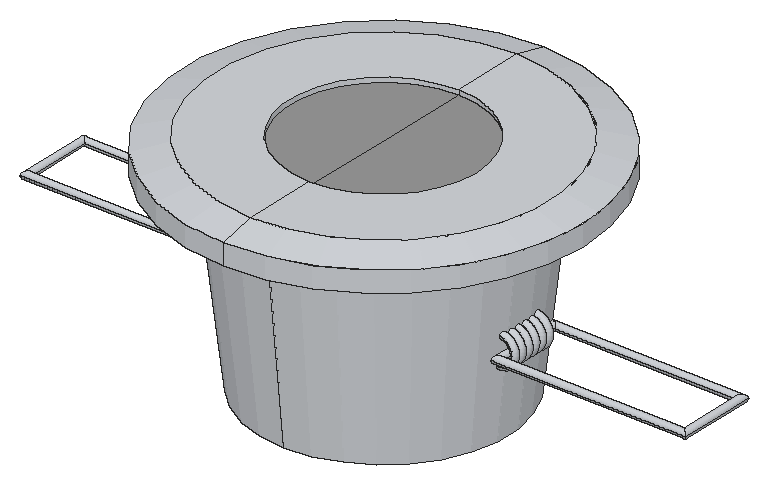
Revit family "0005365-2700K", category Lighting Fixtures, host Face, Revit 2018
Family settings
  Host = Face
  Round Connector Dimension = Use Diameter
  Part Type = Normal
  OmniClass Number = 23.80.70.00
  OmniClass Title = Lighting
  Cut with Voids When Loaded = No
  Light Source = Yes
  Shared = No
  Room Calculation Point = No
Parameters (values of type "0005365 OBICO 68 IP65 530LM 3CCT DIM ADJ CHR")
  Weight = "n/a"
  Wattage Comments = ""
  Wattage = 159.577 W
  WarrantyStartDate [instance] = "n/a"
  WarrantyGuarantorParts = "n/a"
  WarrantyDurationUnit = "n/a"
  WarrantyDurationParts = ""
  WarrantyDescription = "http://www.sylvania-lighting.com"
  built-in parameter 1150110 = 1 (stored number, unit not read)
  Voltage = 0 V
  URL = "0.8"
  TypeName = "OBICO 68 IP65 530lm 3CCT DIM ADJ BRUSHED CHROME"
  Type Image = <None>
  Type Comments = "n/a"
  built-in parameter 1114217 = 1 (stored number, unit not read)
  Tilt Angle = -90.00°
  built-in parameter 1150109 = 1 (stored number, unit not read)
  built-in parameter 1150134 = 12
  built-in parameter 1150113 = 1 (stored number, unit not read)
  SerialNumber [instance] = "n/a"
  Photometric Web File = "0005365-2700K.ies"
  Material_3_SYL = none
  PowerFactor = 0.9
  PowerConsumption = "Lighting"
  NominalLength = 117 mm
  NominalHeight = 54 mm
  NominalDepth = 96 mm
  Name = "OBICO 68 IP65 530lm 3CCT DIM ADJ BRUSHED CHROME"
  ModelReference = Name  # "OBICO 68 IP65 530lm 3CCT DIM ADJ BRUSHED CHROME"
  ModelNumber = "0005365"
  Model = Name  # "OBICO 68 IP65 530lm 3CCT DIM ADJ BRUSHED CHROME"
  Material = "Feilo Sylvania"
  ManufacturerName = "98 lm/W"
  Manufacturer = ""
  LuminousEfficacy = ""
  built-in parameter 1150105 = 22901.6 (stored number, unit not read)
  Lumens = 13404.5 lm
  LuminaireType = "0"
  built-in parameter 1150115 = 1 (stored number, unit not read)
  LightOutputRatio = "LED"
  built-in parameter 1150137 = (empty or 0)
  built-in parameter 1150139 = (empty or 0)
  LampsType = Lamp  # "n/a"
  LampNominalLuminous = "3000 K"
  LampMacAdamStep = "90"
  LampColourTemperature = "LED"
  LampColourRenderingIndex = "16500"
  built-in parameter 1150112 = 1 (stored number, unit not read)
  built-in parameter 1150114 = 1 (stored number, unit not read)
  Lamp = "n/a"
  Keynote = "n/a"
  InstallationDate [instance] = "n/a"
  InputVoltage = "0"
  InputNominalFrequency = "3000"
  built-in parameter 1150132 = (empty or 0)
  built-in parameter 1150102 = (empty or 0)
  built-in parameter 1150107 = 4000 (stored number, unit not read)
  built-in parameter 1150138 = (empty or 0)
  IngressProtection = "IfcLightFixtureType"
  ImpactProtectionIndex = "IfcLightFixtureType"
  built-in parameter 1150106 = 229.02 (stored number, unit not read)
  IfcExportType = "IfcLightFixtureType"
  IfcExportAs = "Class II"
  Emit from Circle Diameter = 609.6 mm
  Emit Shape Visible in Rendering = no
  ElectricShockClassification = "98"
  built-in parameter 1150104 = 7.8039 (stored number, unit not read)
  DocumentationLiterature = "http://www.sylvania-lighting.com/product/en-int/products/0005365"
  DimmingControlOptions = "n/a"
  Material_2_SYL = none
  Dimming Lamp Color Temperature Shift = <None>
  Description = ""
  Default Elevation = 1219.2 mm
  CreatedOn = "27/07/2022"
  CreatedBy = "@sylvania-lighting.com"
  Cost = 0
  Color Filter = 16777215
  built-in parameter 1114216 [instance] = (empty or 0)
  ClassificationValue = "EF_70_80"
  ClassificationName = "Uniclass2015"
  Material_1_SYL = Default
  BarCode [instance] = "n/a"
  built-in parameter 1114218 = 1 (stored number, unit not read)
  built-in parameter 1150133 = 10 (stored number, unit not read)
  AssetType = "Fixed"
  AssetIdentifier [instance] = "n/a"
  Assembly Code = "D5020200"
  Apparent Load = 5.4 VA
  Material_4_SYL = none
Reference planes
  plane 1 "Center (Front/Back)": y = 0
  plane 2: z = 0
  plane 3 "Center (Left/Right)": x = 0
  plane 4: y = -48
  plane 5: y = 48
  plane 6: z = 7
  plane 7: z = -4
  plane 8: z = -47
  plane 9: y = 40
  plane 10: y = -40
  plane 11: y = 30
  plane 12: y = -30
  plane 13: y = -35
  plane 14: y = 35
  plane 15: z = 5
  plane 16: y = 22.5
  plane 17: z = 6
Forms (mm)
  Revolve 1, solid, detail levels medium+fine
    sketch origin (0.25, 1524, 1219.2) x (0, 1, 0) y (0, 0, 1)
      loop
        line (-1524, -1214.2) -> (-1524, -1266.2) -> (-1494, -1266.2) -> (-1489, -1223.2) -> (-1489, -1219.2) -> (-1476, -1219.2) -> (-1476, -1214.2) -> (-1484, -1212.2) -> (-1501.5, -1212.2) -> (-1501.5, -1214.2) -> (-1524, -1214.2)
      axis (-1524, -1266.2) -> (-1524, -1212.2)
    angle from 360 to 0
  Revolve 2, solid, material "Glass, White, High Luminance"
    sketch origin (0.25, 1524, 1219.2) x (0, 1, 0) y (0, 0, 1)
      loop
        line (-1501.5, -1213.2) -> (-1524, -1213.2) -> (-1524, -1214.2) -> (-1501.5, -1214.2) -> (-1501.5, -1213.2)
      axis (-1524, -1214.2) -> (-1524, -1213.2)
    angle from 360 to 0
  Sweep 3, solid, detail levels fine
    path origin (-4.117, 0.46, 7.176) x (1, 0, 0) y (0, 1, 0)
      loop
        line (-75, 8.5) -> (-75, -8.5) -> (-30, -8.5) -> (-30, 8.5) -> (-75, 8.5)
    profile origin (-56.617, 8.96, 7.176) x (0, 1, 0) y (0, 0, 1)
      loop
        circle (0, -33.041) r 0.899
  Revolve 4, solid, detail levels fine
    sketch origin (-32.259, 1523.987, 1226.512) x (0, 1, 0) y (0, 0, 1)
      loop
        circle (-1518.723, -1248.745) r 0.801
      loop
        circle (-1520.733, -1248.823) r 0.801
      loop
        circle (-1522.743, -1248.823) r 0.801
      loop
        circle (-1524.772, -1248.823) r 0.801
      loop
        circle (-1526.817, -1248.823) r 0.801
      loop
        circle (-1528.846, -1248.823) r 0.801
      axis (-1529.647, -1252.2) -> (-1517.923, -1252.2)
    angle from -29.09 to 193.564
  Sweep 5, solid, detail levels fine
    path origin (4.117, 0.46, 7.176) x (-1, 0, 0) y (0, -1, 0)
      loop
        line (-75, -8.5) -> (-30, -8.5) -> (-30, 8.5) -> (-75, 8.5) -> (-75, -8.5)
    profile origin (56.617, 8.96, 7.176) x (0, -1, 0) y (0, 0, 1)
      loop
        circle (0, -33.041) r 0.899
  Revolve 6, solid, detail levels fine
    sketch origin (32.259, 1523.987, 1226.512) x (0, 1, 0) y (0, 0, -1)
      loop
        circle (-1518.723, 1248.745) r 0.801
      loop
        circle (-1520.733, 1248.823) r 0.801
      loop
        circle (-1522.743, 1248.823) r 0.801
      loop
        circle (-1524.772, 1248.823) r 0.801
      loop
        circle (-1526.817, 1248.823) r 0.801
      loop
        circle (-1528.846, 1248.823) r 0.801
      axis (-1529.647, 1252.2) -> (-1517.923, 1252.2)
    angle from -29.09 to 193.564
  Extrusion 7, solid, detail levels coarse
    sketch origin (0, 0, 0) x (1, 0, 0) y (0, 0, 1)
      loop
        line (-80.06, 7) -> (-80.06, -47) -> (79.996, -47) -> (79.996, 7) -> (-80.06, 7)
    from -48 to 48
Dimensions and locks
  aligned and locked: plane 2 to host face
  aligned and locked: level to host face
  aligned and locked: Revolve 2 sketch curve to plane 17
  aligned and locked: Revolve 2 sketch curve to plane 16
  aligned and locked: Revolve 2 sketch curve to Revolve 1
  aligned and locked: plane 1 "Center (Front/Back)" to Revolve 2 sketch curve
Connectors
  electrical at (0.25, -30, -47)
    settings: on Revolve 1, index 1, voltage 0 V, apparent load 0 VA, apparent load phase1 0 VA, apparent load phase2 0 VA, apparent load phase3 0 VA, power factor 1, load classification "Other", number of poles 1, system type 31, power factor state 1, is connector primary yes, connector utility no, sub classification motor no, connector description ""
